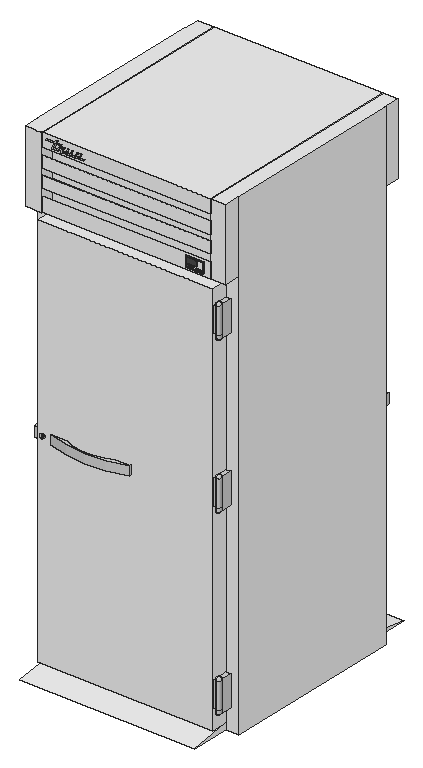
Revit family
Parameters
  Weight in Pounds = 0
  Watts = 2000 W
  Volts = 115 V
  URL Cutsheet = "www.truemfg.com"
  URL = "www.truemfg.com"
  Type Mark [instance] = ""
  Type Comments = ""
  Status [instance] = ""
  Specification by User [instance] = ""
  Specification by Manufacturer = ""
  Show Logo [instance] = yes
  Show Clearance [instance] = yes
  Serial Number = ""
  Seismic Rating = ""
  SMACNA No = ""
  Revision Code [instance] = ""
  Phase = 1
  Omniclass Number and Title = ""
  Number of Poles [instance] = 1
  NAFEM Spec ID Number = ""
  Model = "STR1HRT-1S-1S"
  Min Ckt Ampacity = 0 A
  Max Overcurrent Protection = 0 A
  Masterspec = ""
  Manufacturer = "TRUE FOOD SERVICE EQUIPMENT, INC."
  Length = 35"
  Item Number [instance] = ""
  Installed By [instance] = ""
  Identify Quantity as Lot [instance] = yes
  Height = 83 3/4"
  HP = ""
  Furnished By [instance] = ""
  Foodservice Equipment Identifier [instance] = yes
  FL Amps = Watts / Volts  # 17.3913 A
  Electrical Remarks [instance] = ""
  Electric Connection Type [instance] = ""
  Elec Conn RI Height [instance] = 0"
  Elec Conn Connection Height [instance] = 0"
  Description = "Roll-thru Solid Swing Door Heated Cabinet"
  Depth = 37 1/2"
  Cycle = 60 Hz
  Conn Plug = "14-20P"
  Conn Conduit = yes
  CSI MasterFormat = ""
  CSI Master Format = ""
  Apparent Power = if(Phase = 3, Volts * FL Amps * 1.73, Volts * FL Amps)  # 2000 VA
Reference planes (in)
  plane 1 "BACK": y = 0
  plane 2: z = 0
  plane 3 "LEFT": x = 0
  plane 4 "RIGHT": x = 35
  plane 5 "FRONT": y = -37.5
  plane 6 "TOP": z = 83.75
  plane 7: x = 2.84375
  plane 8: y = -37.4542
  plane 9: x = 32.15625
  plane 10: y = -0.0458
  plane 11: y = -18.75
  plane 12: z = 69.90625
Forms (in)
  Extrusion 1, solid, material "QF_Finishes_Chrome - Satin"
    sketch origin (0.05, 0, 0) x (1, 0, 0) y (0, 1, 0)
      loop
        line (-0.05, -2.75) -> (-0.05, -34.75) -> (2.87859, -34.75) -> (2.87859, -2.75) -> (-0.05, -2.75)
    from 0 to 83.75
  Extrusion 2, solid, material "QF_Finishes_Chrome - Satin"
    sketch origin (50.15, 0, 0) x (1, 0, 0) y (0, 1, 0)
      loop
        line (-17.85, -2.75) -> (-17.85, -34.75) -> (-15.15, -34.75) -> (-15.15, -2.75) -> (-17.85, -2.75)
    from 0 to 83.75
  Extrusion 3, solid, material "QF_Finishes_Chrome - Satin"
    sketch origin (0, 0, 0) x (0, 1, 0) y (0, 0, 1)
      loop
        line (-37.4542, 71.28125) -> (-34.75, 71.28125) -> (-34.75, 0) -> (-2.75, 0) -> (-2.75, 71.28125) -> (-0.0458, 71.28125) -> (-0.0458, 73.81726) -> (-2.25, 72.25) -> (-2.25, 73.52557) -> (-0.0458, 75.09284) -> (-0.0458, 77.18904) -> (-2.25, 75.62178) -> (-2.25, 76.58254) -> (-0.0458, 78.1498) -> (-0.0458, 80.28351) -> (-2.25, 78.71625) -> (-2.25, 79.83852) -> (-0.0458, 81.40578) -> (-0.0458, 83.75) -> (-37.4542, 83.75) -> (-37.4542, 81.40578) -> (-35.25, 79.83852) -> (-35.25, 78.71625) -> (-37.4542, 80.28351) -> (-37.4542, 78.1498) -> (-35.25, 76.58254) -> (-35.25, 75.62178) -> (-37.4542, 77.18904) -> (-37.4542, 75.09284) -> (-35.25, 73.52557) -> (-35.25, 72.25) -> (-37.4542, 73.81726) -> (-37.4542, 71.28125)
    from 2.92859 to 32.3
  Extrusion 4, solid, material "QF_Finishes_Chrome - Satin"
    sketch origin (0, 0, 0) x (1, 0, 0) y (0, 1, 0)
      loop
        line (34.84782, -34.75) -> (32.3, -34.75) -> (32.3, -37.5) -> (34.84782, -37.5) -> (34.84782, -34.75)
      loop
        line (34.84782, -2.75) -> (34.84782, 0) -> (32.3, 0) -> (32.3, -2.75) -> (34.84782, -2.75)
    from 71.28125 to 83.75
  Extrusion 5, solid, material "QF_Finishes_Chrome - Satin"
    sketch origin (-50.125, 0, 0.25) x (1, 0, 0) y (0, 1, 0)
      loop
        line (53.05359, -34.75) -> (50.24109, -34.75) -> (50.24109, -37.5) -> (53.05359, -37.5) -> (53.05359, -34.75)
      loop
        line (53.05359, -2.75) -> (53.05359, 0) -> (50.24109, 0) -> (50.24109, -2.75) -> (53.05359, -2.75)
    from 71.03125 to 83.5
  Extrusion 6, solid, material "QF_Finishes_Chrome - Satin"
    sketch origin (-24.96875, -3.75, -0.71875) x (1, 0, 0) y (0, 0, 1)
      loop
        line (27.25, 1.71875) -> (57.65625, 1.71875) -> (57.65625, 70.625) -> (27.25, 70.625) -> (27.25, 1.71875)
    from 31 to 33.75
  Extrusion 7, solid, material "QF_Finishes_Handrails and Railings"
    sketch origin (58.625, -0.25, 24.93519) x (1, 0, 0) y (0, 1, 0)
      loop
        line (-53.875, -37.25) -> (-53.875, -37.45)
        arc (-53.875, -37.45) -> (-47.075, -38.65633) -> (-40.275, -37.45) r 19.7687
        line (-40.275, -37.45) -> (-40.275, -37.25) -> (-42.675, -37.25)
        arc (-42.675, -37.25) -> (-47.075, -38.40816) -> (-51.475, -37.25) r 8.93713
        line (-51.475, -37.25) -> (-53.875, -37.25)
    from 10.87731 to 12.37731
  Extrusion 8, solid, material "QF_Finishes_Handrails and Railings"
    sketch origin (-23.375, -3.83467, -3.5) x (1, 0, 0) y (0, 0, 1)
      loop
        circle (26.4375, 40.0625) r 0.35
      loop
        line (26.47265, 40.33635) -> (26.41715, 40.33635) -> (26.41715, 39.76895) -> (26.47265, 39.76895) -> (26.47265, 40.33635)
    from 33.5 to 33.83066
  Extrusion 9, solid, material "QF_Finishes_Handrails and Railings", visible <- "Show Logo"
    sketch origin (0.33478, -2.68623, 4.98732) x (1, 0, 0) y (0, 0, 1)
      loop
        line (3.46044, 78.08731) -> (3.35478, 77.86073) -> (4.76027, 77.86073)
        arc (4.76027, 77.86073) -> (4.78879, 77.81028) -> (4.76027, 77.75984) r 0.05887
        line (4.76027, 77.75984) -> (4.39369, 76.97372)
        arc (4.39369, 76.97372) -> (4.39051, 76.90091) -> (4.43975, 76.84717) r 0.09523
        line (4.43975, 76.84717) -> (5.33844, 76.84717)
        arc (5.33844, 76.84717) -> (5.45192, 76.88295) -> (5.52436, 76.97735) r 0.19785
        line (5.52436, 76.97735) -> (5.81285, 77.59601) -> (6.0779, 77.59601)
        arc (6.0779, 77.59601) -> (6.14744, 77.57043) -> (6.13737, 77.49703) r 0.05911
        line (6.13737, 77.49703) -> (5.89598, 76.97937)
        arc (5.89598, 76.97937) -> (5.89974, 76.8934) -> (5.97231, 76.84717) r 0.09318
        line (5.97231, 76.84717) -> (6.76198, 76.84717)
        arc (6.76198, 76.84717) -> (6.82249, 76.86919) -> (6.85468, 76.92495) r 0.09412
        arc (6.85468, 76.92495) -> (6.87746, 76.86995) -> (6.93246, 76.84717) r 0.07778
        line (6.93246, 76.84717) -> (7.43246, 76.84717)
        arc (7.43246, 76.84717) -> (7.49022, 76.86265) -> (7.53251, 76.90493) r 0.11552
        arc (7.53251, 76.90493) -> (7.55275, 76.85606) -> (7.60162, 76.83581) r 0.06912
        line (7.60162, 76.83581) -> (8.31225, 76.83581)
        arc (8.31225, 76.83581) -> (8.37034, 76.85988) -> (8.39441, 76.91797) r 0.08216
        arc (8.39441, 76.91797) -> (8.44767, 76.86472) -> (8.52042, 76.84522) r 0.14551
        line (8.52042, 76.84522) -> (9.85158, 76.84522) -> (9.99946, 77.10134) -> (8.65678, 77.10134)
        arc (8.65678, 77.10134) -> (8.61972, 77.12704) -> (8.61834, 77.17211) r 0.05009
        line (8.61834, 77.17211) -> (8.64157, 77.22192)
        arc (8.64157, 77.22192) -> (8.67723, 77.26864) -> (8.73327, 77.28635) r 0.09747
        line (8.73327, 77.28635) -> (9.16485, 77.28635)
        arc (9.16485, 77.28635) -> (9.258, 77.31131) -> (9.32619, 77.3795) r 0.1863
        line (9.32619, 77.3795) -> (9.45119, 77.59601)
        arc (9.45119, 77.59601) -> (9.45119, 77.71157) -> (9.35111, 77.76934) r 0.11556
        line (9.35111, 77.76934) -> (8.89562, 77.76934)
        arc (8.89562, 77.76934) -> (8.7795, 77.74962) -> (8.69849, 77.66412) r 0.18605
        line (8.69849, 77.66412) -> (8.48204, 77.19993)
        arc (8.48204, 77.19993) -> (8.41815, 77.11667) -> (8.31806, 77.08511) r 0.1745
        line (8.31806, 77.08511) -> (7.84559, 77.08511)
        arc (7.84559, 77.08511) -> (7.78903, 77.14684) -> (7.79268, 77.23048) r 0.10939
        line (7.79268, 77.23048) -> (8.04395, 77.76934) -> (7.88403, 77.76934) -> (7.61781, 77.19844)
        arc (7.61781, 77.19844) -> (7.56609, 77.13103) -> (7.48505, 77.10548) r 0.14128
        line (7.48505, 77.10548) -> (7.15925, 77.10548)
        arc (7.15925, 77.10548) -> (7.10419, 77.17723) -> (7.116, 77.26689) r 0.11816
        line (7.116, 77.26689) -> (7.3503, 77.76934) -> (7.18514, 77.76934) -> (6.91546, 77.191)
        arc (6.91546, 77.191) -> (6.85285, 77.12839) -> (6.76733, 77.10548) r 0.17104
        line (6.76733, 77.10548) -> (6.29555, 77.10548)
        arc (6.29555, 77.10548) -> (6.21082, 77.14499) -> (6.20267, 77.23813) r 0.0935
        line (6.20267, 77.23813) -> (6.35774, 77.57069) -> (6.57695, 77.57069)
        arc (6.57695, 77.57069) -> (6.61395, 77.68217) -> (6.69267, 77.76934) r 0.2857
        line (6.69267, 77.76934) -> (5.83605, 77.76934)
        arc (5.83605, 77.76934) -> (5.74086, 77.74824) -> (5.67498, 77.67635) r 0.16212
        line (5.67498, 77.67635) -> (5.44279, 77.17841)
        arc (5.44279, 77.17841) -> (5.3894, 77.12502) -> (5.31647, 77.10548) r 0.14586
        line (5.31647, 77.10548) -> (4.80506, 77.10548)
        arc (4.80506, 77.10548) -> (4.76514, 77.15942) -> (4.77274, 77.22609) r 0.09155
        line (4.77274, 77.22609) -> (5.11018, 77.86073) -> (5.96155, 77.86073) -> (6.06721, 78.08731) -> (5.21584, 78.08731) -> (5.32149, 78.31388) -> (5.01862, 78.31388) -> (4.91297, 78.08731) -> (3.46044, 78.08731)
      loop
        arc (8.83805, 77.56363) -> (8.80119, 77.55375) -> (8.7742, 77.52676) r 0.07373
        line (8.7742, 77.52676) -> (8.75229, 77.45936)
        arc (8.75229, 77.45936) -> (8.76245, 77.43483) -> (8.78699, 77.42466) r 0.0347
        line (8.78699, 77.42466) -> (9.15948, 77.42466)
        arc (9.15948, 77.42466) -> (9.18632, 77.43061) -> (9.20812, 77.44734) r 0.0635
        line (9.20812, 77.44734) -> (9.22624, 77.53122)
        arc (9.22624, 77.53122) -> (9.22091, 77.55368) -> (9.20009, 77.56363) r 0.02676
        line (9.20009, 77.56363) -> (8.83805, 77.56363)
    from 34.76797 to 34.83173
  Extrusion 10, solid, material "QF_Finishes_White"
    sketch origin (-22.74812, -2.7042, -7.97497) x (1, 0, 0) y (0, 0, 1)
      loop
        line (50.81732, 81.35727) -> (50.81732, 79.60996) -> (53.72357, 79.60996) -> (53.72357, 81.35727) -> (50.81732, 81.35727)
    from 34.75 to 34.76797
  Extrusion 11, solid, material "QF_Finishes_Black"
    sketch origin (-22.74812, -2.7042, -7.97497) x (1, 0, 0) y (0, 0, 1)
      loop
        line (53.78607, 81.41977) -> (50.75482, 81.41977) -> (50.75482, 79.54746) -> (53.78607, 79.54746) -> (53.78607, 81.41977)
      loop
        spline (50.95482, 79.87872) -> (50.96333, 79.86254) -> (50.98831, 79.84747) -> (51.02804, 79.83452) -> (51.07982, 79.82459) -> (51.14011, 79.81835) -> (51.20482, 79.81622) -> (51.26952, 79.81835) -> (51.32982, 79.82459) -> (51.38159, 79.83452) -> (51.42132, 79.84747) -> (51.4463, 79.86254) -> (51.45482, 79.87872)
        spline (51.45482, 79.87872) -> (51.4463, 79.89489) -> (51.42132, 79.90997) -> (51.38159, 79.92291) -> (51.32982, 79.93284) -> (51.26952, 79.93909) -> (51.20482, 79.94122) -> (51.14011, 79.93909) -> (51.07982, 79.93284) -> (51.02804, 79.92291) -> (50.98831, 79.90997) -> (50.96333, 79.89489) -> (50.95482, 79.87872)
      loop
        spline (51.65083, 79.87872) -> (51.65935, 79.86254) -> (51.68432, 79.84747) -> (51.72405, 79.83452) -> (51.77583, 79.82459) -> (51.83612, 79.81835) -> (51.90083, 79.81622) -> (51.96553, 79.81835) -> (52.02583, 79.82459) -> (52.07761, 79.83452) -> (52.11734, 79.84747) -> (52.14231, 79.86254) -> (52.15083, 79.87872)
        spline (52.15083, 79.87872) -> (52.14231, 79.89489) -> (52.11734, 79.90997) -> (52.07761, 79.92291) -> (52.02583, 79.93284) -> (51.96553, 79.93909) -> (51.90083, 79.94122) -> (51.83612, 79.93909) -> (51.77583, 79.93284) -> (51.72405, 79.92291) -> (51.68432, 79.90997) -> (51.65935, 79.89489) -> (51.65083, 79.87872)
      loop
        spline (52.40083, 79.87872) -> (52.40935, 79.86254) -> (52.43432, 79.84747) -> (52.47405, 79.83452) -> (52.52583, 79.82459) -> (52.58612, 79.81835) -> (52.65083, 79.81622) -> (52.71553, 79.81835) -> (52.77583, 79.82459) -> (52.82761, 79.83452) -> (52.86734, 79.84747) -> (52.89231, 79.86254) -> (52.90083, 79.87872)
        spline (52.90083, 79.87872) -> (52.89231, 79.89489) -> (52.86734, 79.90997) -> (52.82761, 79.92291) -> (52.77583, 79.93284) -> (52.71553, 79.93909) -> (52.65083, 79.94122) -> (52.58612, 79.93909) -> (52.52583, 79.93284) -> (52.47405, 79.92291) -> (52.43432, 79.90997) -> (52.40935, 79.89489) -> (52.40083, 79.87872)
      loop
        line (50.95481, 81.21978) -> (50.95481, 80.21978) -> (52.65433, 80.21978) -> (52.65433, 81.21978) -> (50.95481, 81.21978)
      loop
        line (53.72357, 81.35727) -> (50.81732, 81.35727) -> (50.81732, 79.60996) -> (53.72357, 79.60996) -> (53.72357, 81.35727)
      loop
        spline (53.15083, 79.87872) -> (53.15935, 79.86254) -> (53.18432, 79.84747) -> (53.22405, 79.83452) -> (53.27583, 79.82459) -> (53.33612, 79.81835) -> (53.40083, 79.81622) -> (53.46553, 79.81835) -> (53.52583, 79.82459) -> (53.57761, 79.83452) -> (53.61734, 79.84747) -> (53.64231, 79.86254) -> (53.65083, 79.87872)
        spline (53.65083, 79.87872) -> (53.64231, 79.89489) -> (53.61734, 79.90997) -> (53.57761, 79.92291) -> (53.52583, 79.93284) -> (53.46553, 79.93909) -> (53.40083, 79.94122) -> (53.33612, 79.93909) -> (53.27583, 79.93284) -> (53.22405, 79.92291) -> (53.18432, 79.90997) -> (53.15935, 79.89489) -> (53.15083, 79.87872)
    from 34.76797 to 34.80335
  Extrusion 12, solid
    sketch origin (-25.125, 0, 0) x (1, 0, 0) y (0, 0, 1)
      loop
        circle (56.875, 81.625) r 0.25
    from 0 to 0.0625
  Blend 13, solid, material "QF_Finishes_Handrails and Railings"
    base sketch origin (27.53125, -3.75, -1.5) x (-1, 0, 0) y (0, 0, -1)
      loop
        line (25.25, -38.99169) -> (26, -38.99169) -> (26, -37.24169) -> (25.25, -37.24169) -> (25.25, -38.99169)
    top sketch origin (27.53125, 0, -1.5) x (-1, 0, 0) y (0, 0, -1)
      loop
        line (26.18223, -36.6441) -> (25.25, -36.6441) -> (25.25, -39.42643) -> (26.18223, -39.42643) -> (26.18223, -36.6441)
    from 33.57883 to 34.75
  Extrusion 14, solid, material "QF_Finishes_Handrails and Railings"
    sketch origin (33.78125, 0, 3.25) x (0, 1, 0) y (0, 0, -1)
      loop
        line (-34.75, -64.17729) -> (-34.75, -58.86127) -> (-37, -58.86127) -> (-37, -59.57348) -> (-36.56497, -59.57348) -> (-36.56497, -63.97276)
        arc (-36.56497, -63.97276) -> (-36.50506, -64.11738) -> (-36.36044, -64.17729) r 0.20453
        line (-36.36044, -64.17729) -> (-34.75, -64.17729)
    from 0.17506 to 1
  Revolve 15, solid, material "QF_Finishes_Handrails and Railings"
    sketch origin (33.28125, 0, 3.25) x (0, 1, 0) y (0, 0, -1)
      loop
        line (-37.01563, -59.62689) -> (-37.42229, -59.62689) -> (-37.42229, -64.0986)
        arc (-37.42229, -64.0986) -> (-37.28722, -64.35057) -> (-37.01563, -64.43983) r 0.3848
        line (-37.01563, -64.43983) -> (-37.01563, -59.62689)
      loop
        line (-37.01563, -59.57348) -> (-37.01563, -58.67281)
        arc (-37.01563, -58.67281) -> (-37.28264, -58.75883) -> (-37.42229, -59.00212) r 0.38884
        line (-37.42229, -59.00212) -> (-37.42229, -59.57348) -> (-37.01563, -59.57348)
      axis (-37.01563, -58.67281) -> (-37.01563, -64.43983)
    angle from 0 to 360
  Extrusion 16, solid, material "QF_Finishes_Handrails and Railings"
    sketch origin (27.5, -3.82734, 3.2511) x (-1, 0, 0) y (0, 0, -1)
      loop
        line (-5.58509, -64.0986) -> (-5.1875, -64.0986) -> (-5.1875, -59.62579) -> (-5.58509, -59.62579) -> (-5.58509, -64.0986)
    from 32.81497 to 33.59495
  Extrusion 17, solid, material "QF_Finishes_Handrails and Railings"
    sketch origin (33.78125, 0, -24) x (0, 1, 0) y (0, 0, -1)
      loop
        line (-34.75, -64.55229) -> (-34.75, -59.23627) -> (-37, -59.23627) -> (-37, -59.94848) -> (-36.56497, -59.94848) -> (-36.56497, -64.34776)
        arc (-36.56497, -64.34776) -> (-36.50506, -64.49238) -> (-36.36044, -64.55229) r 0.20453
        line (-36.36044, -64.55229) -> (-34.75, -64.55229)
    from 0.17506 to 1
  Revolve 18, solid, material "QF_Finishes_Handrails and Railings"
    sketch origin (33.28125, 0, -24) x (0, 1, 0) y (0, 0, -1)
      loop
        line (-37.01563, -60.00189) -> (-37.42229, -60.00189) -> (-37.42229, -64.4736)
        arc (-37.42229, -64.4736) -> (-37.28722, -64.72557) -> (-37.01563, -64.81483) r 0.3848
        line (-37.01563, -64.81483) -> (-37.01563, -60.00189)
      loop
        line (-37.01563, -59.94848) -> (-37.01563, -59.04781)
        arc (-37.01563, -59.04781) -> (-37.28264, -59.13383) -> (-37.42229, -59.37712) r 0.38884
        line (-37.42229, -59.37712) -> (-37.42229, -59.94848) -> (-37.01563, -59.94848)
      axis (-37.01563, -59.04781) -> (-37.01563, -64.81483)
    angle from 0 to 360
  Extrusion 19, solid, material "QF_Finishes_Handrails and Railings"
    sketch origin (27.5, -3.82734, -23.9989) x (-1, 0, 0) y (0, 0, -1)
      loop
        line (-5.58509, -64.4736) -> (-5.1875, -64.4736) -> (-5.1875, -60.00079) -> (-5.58509, -60.00079) -> (-5.58509, -64.4736)
    from 32.81497 to 33.59495
  Extrusion 20, solid, material "QF_Finishes_Handrails and Railings"
    sketch origin (33.78125, 0, -55.5) x (0, 1, 0) y (0, 0, -1)
      loop
        line (-34.75, -64.55229) -> (-34.75, -59.23627) -> (-37, -59.23627) -> (-37, -59.94848) -> (-36.56497, -59.94848) -> (-36.56497, -64.34776)
        arc (-36.56497, -64.34776) -> (-36.50506, -64.49238) -> (-36.36044, -64.55229) r 0.20453
        line (-36.36044, -64.55229) -> (-34.75, -64.55229)
    from 0.17506 to 1
  Revolve 21, solid, material "QF_Finishes_Handrails and Railings"
    sketch origin (33.28125, 0, -55.5) x (0, 1, 0) y (0, 0, -1)
      loop
        line (-37.01563, -60.00189) -> (-37.42229, -60.00189) -> (-37.42229, -64.4736)
        arc (-37.42229, -64.4736) -> (-37.28722, -64.72557) -> (-37.01563, -64.81483) r 0.3848
        line (-37.01563, -64.81483) -> (-37.01563, -60.00189)
      loop
        line (-37.01563, -59.94848) -> (-37.01563, -59.04781)
        arc (-37.01563, -59.04781) -> (-37.28264, -59.13383) -> (-37.42229, -59.37712) r 0.38884
        line (-37.42229, -59.37712) -> (-37.42229, -59.94848) -> (-37.01563, -59.94848)
      axis (-37.01563, -59.04781) -> (-37.01563, -64.81483)
    angle from 0 to 360
  Extrusion 22, solid, material "QF_Finishes_Handrails and Railings"
    sketch origin (27.5, -3.82734, -55.4989) x (-1, 0, 0) y (0, 0, -1)
      loop
        line (-5.58509, -64.4736) -> (-5.1875, -64.4736) -> (-5.1875, -60.00079) -> (-5.58509, -60.00079) -> (-5.58509, -64.4736)
    from 32.81497 to 33.59495
  Extrusion 23, solid, material "QF_Finishes_Door Clearance", visible <- "Show Clearance", detail levels coarse
    sketch origin (26.42841, -3.6098, 0) x (1, 0, 0) y (0, 1, 0)
      loop
        line (6.32159, -33.8902) -> (-24.14716, -33.8902)
        arc (-24.14716, -33.8902) -> (-15.22307, -55.43486) -> (6.32159, -64.35895) r 30.46875
        line (6.32159, -64.35895) -> (6.32159, -33.8902)
    from 1 to 69.90625
  Extrusion 24, solid, material "QF_Finishes_Chrome - Satin"
    sketch origin (32.6875, -3.75, 8.03125) x (0, 0, 1) y (0, -1, 0)
      loop
        line (-8.03125, 37.6875) -> (-8.03125, 31) -> (-7.03125, 31) -> (-8.03125, 37.6875)
    from 0 to -30.40625
  Extrusion 25, solid, material "QF_Finishes_Chrome - Satin"
    sketch origin (59.96875, -33.75, -0.71875) x (-1, 0, 0) y (0, 0, 1)
      loop
        line (27.25, 1.71875) -> (57.65625, 1.71875) -> (57.65625, 70.625) -> (27.25, 70.625) -> (27.25, 1.71875)
    from 31 to 33.75
  Extrusion 26, solid, material "QF_Finishes_Handrails and Railings"
    sketch origin (-23.625, -37.25, 24.93519) x (-1, 0, 0) y (0, -1, 0)
      loop
        line (-53.875, -37.25) -> (-53.875, -37.45)
        arc (-53.875, -37.45) -> (-47.075, -38.65628) -> (-40.275, -37.45) r 19.76948
        line (-40.275, -37.45) -> (-40.275, -37.25) -> (-42.675, -37.25)
        arc (-42.675, -37.25) -> (-47.075, -38.40816) -> (-51.475, -37.25) r 8.93715
        line (-51.475, -37.25) -> (-53.875, -37.25)
    from 10.87731 to 12.37731
  Extrusion 27, solid, material "QF_Finishes_Handrails and Railings"
    sketch origin (58.375, -33.66533, -3.5) x (-1, 0, 0) y (0, 0, 1)
      loop
        circle (26.4375, 40.0625) r 0.35
      loop
        line (26.47265, 40.33635) -> (26.41715, 40.33635) -> (26.41715, 39.76895) -> (26.47265, 39.76895) -> (26.47265, 40.33635)
    from 33.5 to 33.83066
  Blend 28, solid, material "QF_Finishes_Handrails and Railings"
    base sketch origin (7.46875, -33.75, -1.5) x (1, 0, 0) y (0, 0, -1)
      loop
        line (25.25, -38.99169) -> (26, -38.99169) -> (26, -37.24169) -> (25.25, -37.24169) -> (25.25, -38.99169)
    top sketch origin (7.46875, -37.5, -1.5) x (1, 0, 0) y (0, 0, -1)
      loop
        line (26.18223, -36.6441) -> (25.25, -36.6441) -> (25.25, -39.42643) -> (26.18223, -39.42643) -> (26.18223, -36.6441)
    from 33.57883 to 34.75
  Extrusion 29, solid, material "QF_Finishes_Handrails and Railings"
    sketch origin (1.21875, -37.5, 3.25) x (0, -1, 0) y (0, 0, -1)
      loop
        line (-34.75, -64.17729) -> (-34.75, -58.86127) -> (-37, -58.86127) -> (-37, -59.57348) -> (-36.56497, -59.57348) -> (-36.56497, -63.97276)
        arc (-36.56497, -63.97276) -> (-36.50506, -64.11738) -> (-36.36044, -64.17729) r 0.20453
        line (-36.36044, -64.17729) -> (-34.75, -64.17729)
    from 0.17506 to 1
  Revolve 30, solid, material "QF_Finishes_Handrails and Railings"
    sketch origin (1.71875, -37.5, 3.25) x (0, -1, 0) y (0, 0, -1)
      loop
        line (-37.01563, -59.62689) -> (-37.42229, -59.62689) -> (-37.42229, -64.0986)
        arc (-37.42229, -64.0986) -> (-37.28722, -64.35057) -> (-37.01563, -64.43983) r 0.3848
        line (-37.01563, -64.43983) -> (-37.01563, -59.62689)
      loop
        line (-37.01563, -59.57348) -> (-37.01563, -58.67281)
        arc (-37.01563, -58.67281) -> (-37.28264, -58.75883) -> (-37.42229, -59.00212) r 0.38884
        line (-37.42229, -59.00212) -> (-37.42229, -59.57348) -> (-37.01563, -59.57348)
      axis (-37.01563, -58.67281) -> (-37.01563, -64.43983)
    angle from 0 to 360
  Extrusion 31, solid, material "QF_Finishes_Handrails and Railings"
    sketch origin (7.5, -33.67266, 3.2511) x (1, 0, 0) y (0, 0, -1)
      loop
        line (-5.58509, -64.0986) -> (-5.1875, -64.0986) -> (-5.1875, -59.62579) -> (-5.58509, -59.62579) -> (-5.58509, -64.0986)
    from 32.81497 to 33.59495
  Extrusion 32, solid, material "QF_Finishes_Handrails and Railings"
    sketch origin (1.21875, -37.5, -24) x (0, -1, 0) y (0, 0, -1)
      loop
        line (-34.75, -64.55229) -> (-34.75, -59.23627) -> (-37, -59.23627) -> (-37, -59.94848) -> (-36.56497, -59.94848) -> (-36.56497, -64.34776)
        arc (-36.56497, -64.34776) -> (-36.50506, -64.49238) -> (-36.36044, -64.55229) r 0.20453
        line (-36.36044, -64.55229) -> (-34.75, -64.55229)
    from 0.17506 to 1
  Revolve 33, solid, material "QF_Finishes_Handrails and Railings"
    sketch origin (1.71875, -37.5, -24) x (0, -1, 0) y (0, 0, -1)
      loop
        line (-37.01563, -60.00189) -> (-37.42229, -60.00189) -> (-37.42229, -64.4736)
        arc (-37.42229, -64.4736) -> (-37.28722, -64.72557) -> (-37.01563, -64.81483) r 0.3848
        line (-37.01563, -64.81483) -> (-37.01563, -60.00189)
      loop
        line (-37.01563, -59.94848) -> (-37.01563, -59.04781)
        arc (-37.01563, -59.04781) -> (-37.28264, -59.13383) -> (-37.42229, -59.37712) r 0.38884
        line (-37.42229, -59.37712) -> (-37.42229, -59.94848) -> (-37.01563, -59.94848)
      axis (-37.01563, -59.04781) -> (-37.01563, -64.81483)
    angle from 0 to 360
  Extrusion 34, solid, material "QF_Finishes_Handrails and Railings"
    sketch origin (7.5, -33.67266, -23.9989) x (1, 0, 0) y (0, 0, -1)
      loop
        line (-5.58509, -64.4736) -> (-5.1875, -64.4736) -> (-5.1875, -60.00079) -> (-5.58509, -60.00079) -> (-5.58509, -64.4736)
    from 32.81497 to 33.59495
  Extrusion 35, solid, material "QF_Finishes_Handrails and Railings"
    sketch origin (1.21875, -37.5, -55.5) x (0, -1, 0) y (0, 0, -1)
      loop
        line (-34.75, -64.55229) -> (-34.75, -59.23627) -> (-37, -59.23627) -> (-37, -59.94848) -> (-36.56497, -59.94848) -> (-36.56497, -64.34776)
        arc (-36.56497, -64.34776) -> (-36.50506, -64.49238) -> (-36.36044, -64.55229) r 0.20453
        line (-36.36044, -64.55229) -> (-34.75, -64.55229)
    from 0.17506 to 1
  Revolve 36, solid, material "QF_Finishes_Handrails and Railings"
    sketch origin (1.71875, -37.5, -55.5) x (0, -1, 0) y (0, 0, -1)
      loop
        line (-37.01563, -60.00189) -> (-37.42229, -60.00189) -> (-37.42229, -64.4736)
        arc (-37.42229, -64.4736) -> (-37.28722, -64.72557) -> (-37.01563, -64.81483) r 0.3848
        line (-37.01563, -64.81483) -> (-37.01563, -60.00189)
      loop
        line (-37.01563, -59.94848) -> (-37.01563, -59.04781)
        arc (-37.01563, -59.04781) -> (-37.28264, -59.13383) -> (-37.42229, -59.37712) r 0.38884
        line (-37.42229, -59.37712) -> (-37.42229, -59.94848) -> (-37.01563, -59.94848)
      axis (-37.01563, -59.04781) -> (-37.01563, -64.81483)
    angle from 0 to 360
  Extrusion 37, solid, material "QF_Finishes_Handrails and Railings"
    sketch origin (7.5, -33.67266, -55.4989) x (1, 0, 0) y (0, 0, -1)
      loop
        line (-5.58509, -64.4736) -> (-5.1875, -64.4736) -> (-5.1875, -60.00079) -> (-5.58509, -60.00079) -> (-5.58509, -64.4736)
    from 32.81497 to 33.59495
  Extrusion 38, solid, material "QF_Finishes_Door Clearance", visible <- "Show Clearance", detail levels coarse
    sketch origin (8.57159, -33.8902, 0) x (-1, 0, 0) y (0, -1, 0)
      loop
        line (6.32159, -33.8902) -> (-24.14716, -33.8902)
        arc (-24.14716, -33.8902) -> (-15.22307, -55.43486) -> (6.32159, -64.35895) r 30.46875
        line (6.32159, -64.35895) -> (6.32159, -33.8902)
    from 1 to 69.90625
  Extrusion 39, solid, material "QF_Finishes_Chrome - Satin"
    sketch origin (2.3125, -33.75, 8.03125) x (0, 0, 1) y (0, 1, 0)
      loop
        line (-8.03125, 37.6875) -> (-8.03125, 31) -> (-7.03125, 31) -> (-8.03125, 37.6875)
    from 0 to -30.40625
Cuts and joins
  joined: Extrusion 1, Extrusion 2, Extrusion 4, Extrusion 5
Lines and regions (in)
  symbolic lines
    curve 1: line (0, 0, 0) -> (35, 0, 0)
    curve 2: line (0, -37.5, 0) -> (0, 0, 0)
    curve 3: line (35, -37.5, 0) -> (0, -37.5, 0)
    curve 4: line (35, 0, 0) -> (35, -37.5, 0)
    curve 5: line (35, -35.25, 0) -> (0, -35.25, 0)
    curve 6: arc (15.95746, -37.5, 0) -> (11.55746, -38.65816, 0) -> (7.15746, -37.5, 0) r 8.93715
    curve 7: line (4.75746, -37.5, 0) -> (4.75746, -37.70273, 0)
    curve 8: line (18.35746, -37.69726, 0) -> (18.35746, -37.5, 0)
    curve 13: line (16.65, 0.2, 0) -> (16.65, 0, 0)
    curve 14: line (30.25, 0, 0) -> (30.25, 0.2, 0)
    curve 15: arc (19.05, 0, 0) -> (23.45, 1.15816, 0) -> (27.85, 0, 0) r 8.93715
    curve 16: arc (4.75746, -37.70273, 0) -> (11.55795, -38.90633, 0) -> (18.35746, -37.69726, 0) r 19.7687
    curve 17: arc (30.25, 0.2, 0) -> (23.45, 1.40628, 0) -> (16.65, 0.2, 0) r 19.76948
    curve 18: line (35, -2.25, 0) -> (0, -2.25, 0)
  symbolic lines, style "QF-Door Swings", visible <- "Show Clearance", detail levels coarse
    curve 9: line (32.75, -37.5, 0) -> (32.75, -67.96875, 0)
    curve 10: arc (32.75, -67.96875, 0) -> (11.20534, -59.04466, 0) -> (2.28125, -37.5, 0) r 30.46875
    curve 11: line (2.25, 0, 0) -> (2.25, 30.46875, 0)
    curve 12: arc (2.25, 30.46875, 0) -> (23.79466, 21.54466, 0) -> (32.71875, 0, 0) r 30.46875
Dimensions and locks (in)
  "Depth": plane 5 "FRONT" to plane 1 "BACK"
  plane 6 "TOP" to level = 83 3/4"  (x2)
  Extrusion 6 sketch curve to Extrusion 6 sketch curve = 30 13/32"
  Extrusion 6 to plane 1 "BACK" = 37 1/2"
  "Length": plane 3 "LEFT" to plane 4 "RIGHT"
  plane 4 "RIGHT" to plane 3 "LEFT" = 35"
  plane 5 "FRONT" to plane 1 "BACK" = 37 1/2"
  Extrusion 25 sketch curve to Extrusion 25 sketch curve = 30 13/32"
  plane 12 to level = 69 29/32"
  aligned and locked: level to plane 2
Automatic sketch dimensions
  Extrusion 39 sketch curve to Extrusion 25 = 0"
  Extrusion 39 sketch curve to Extrusion 39 sketch curve = 1"
  Extrusion 39 sketch curve to Extrusion 25 = 3 15/16"
  Extrusion 1 sketch curve to plane 3 "LEFT" = 0"
  plane 1 "BACK" to Extrusion 1 sketch curve = 2 3/4"
  plane 7 to Extrusion 1 sketch curve = 0.08484"
  Extrusion 1 sketch curve to plane 5 "FRONT" = 2 3/4"
  plane 1 "BACK" to Extrusion 2 sketch curve = 2 3/4"
  Extrusion 2 sketch curve to plane 4 "RIGHT" = 0"
  Extrusion 2 sketch curve to plane 9 = 0.14375"
  Extrusion 2 sketch curve to plane 5 "FRONT" = 2 3/4"
  Extrusion 3 sketch curve to plane 8 = 0"  (x4)
  Extrusion 3 sketch curve to level = 0"
  Extrusion 3 sketch curve to plane 10 = 0"  (x4)
  Extrusion 3 sketch curve to plane 6 "TOP" = 0"
  plane 8 to Extrusion 3 sketch curve = 2.2042"
  Extrusion 3 sketch curve to Extrusion 3 sketch curve = 0"  (x3)
  plane 8 to Extrusion 3 sketch curve = 2.7042"
  Extrusion 3 sketch curve to Extrusion 3 sketch curve = 2.7042"
  plane 10 to Extrusion 3 sketch curve = 2.2042"
  Extrusion 3 sketch curve to Extrusion 3 sketch curve = 1/2"
  Extrusion 3 sketch curve to plane 6 "TOP" = 12 15/32"  (x2)
  Extrusion 3 sketch curve to Extrusion 3 sketch curve = 31/32"  (x2)
  Extrusion 3 sketch curve to Extrusion 3 sketch curve = 1.27557"  (x4)
  Extrusion 3 sketch curve to Extrusion 3 sketch curve = 0.29169"  (x2)
  Extrusion 3 sketch curve to Extrusion 3 sketch curve = 2.0962"  (x4)
  Extrusion 3 sketch curve to Extrusion 3 sketch curve = 0.96076"  (x4)
  Extrusion 3 sketch curve to Extrusion 3 sketch curve = 2.13371"  (x4)
  Extrusion 3 sketch curve to Extrusion 3 sketch curve = 1.12227"  (x4)
  Extrusion 6 sketch curve to plane 7 = 9/16"
  level to Extrusion 6 sketch curve = 1"
  Extrusion 6 sketch curve to plane 6 "TOP" = 13 27/32"
  plane 7 to Extrusion 8 sketch curve = 0.1984"
  plane 7 to Extrusion 8 sketch curve = 7/32"
  Extrusion 8 sketch curve to Extrusion 8 sketch curve = 0.0555"
  level to Extrusion 8 sketch curve = 36.26895"
  Extrusion 8 sketch curve to Extrusion 8 sketch curve = 0.29355"
  Extrusion 8 sketch curve to Extrusion 8 sketch curve = 0.27385"
  plane 7 to Extrusion 9 sketch curve = 0.84582"
  Extrusion 9 sketch curve to Extrusion 9 sketch curve = 0.10565"  (x5)
  Extrusion 9 sketch curve to Extrusion 9 sketch curve = 1.03891"
  Extrusion 9 sketch curve to Extrusion 9 sketch curve = 0.04606"
  Extrusion 9 sketch curve to Extrusion 9 sketch curve = 0.08631"
  Extrusion 9 sketch curve to Extrusion 9 sketch curve = 0.33624"
  Extrusion 9 sketch curve to Extrusion 9 sketch curve = 0.03034"  (x2)
  Extrusion 9 sketch curve to Extrusion 9 sketch curve = 0.29274"
  Extrusion 9 sketch curve to Extrusion 9 sketch curve = 0.03232"
  Extrusion 9 sketch curve to Extrusion 9 sketch curve = 0.04851"
  Extrusion 9 sketch curve to plane 6 "TOP" = 0.67537"
  Extrusion 9 sketch curve to Extrusion 9 sketch curve = 0.1527"
  Extrusion 9 sketch curve to plane 6 "TOP" = 0.4488"
  Extrusion 9 sketch curve to Extrusion 9 sketch curve = 0.19721"
  Extrusion 9 sketch curve to Extrusion 9 sketch curve = 0.4629"
  Extrusion 9 sketch curve to Extrusion 9 sketch curve = 0.02197"
  Extrusion 9 sketch curve to Extrusion 9 sketch curve = 0.12632"
  Extrusion 9 sketch curve to Extrusion 9 sketch curve = 0.18591"
  Extrusion 9 sketch curve to plane 6 "TOP" = 1.08633"
  Extrusion 9 sketch curve to Extrusion 9 sketch curve = 0.2322"
  Extrusion 9 sketch curve to Extrusion 9 sketch curve = 0.13786"
  Extrusion 9 sketch curve to Extrusion 9 sketch curve = 0.00907"
  Extrusion 9 sketch curve to Extrusion 9 sketch curve = 0.01413"
  Extrusion 9 sketch curve to Extrusion 9 sketch curve = 0.37162"
  Extrusion 9 sketch curve to plane 6 "TOP" = 0.90195"
  Extrusion 9 sketch curve to Extrusion 9 sketch curve = 0.12551"
  Extrusion 9 sketch curve to Extrusion 9 sketch curve = 0.07633"
  Extrusion 9 sketch curve to Extrusion 9 sketch curve = 0.08445"
  Extrusion 9 sketch curve to Extrusion 9 sketch curve = 0.25598"
  Extrusion 9 sketch curve to Extrusion 9 sketch curve = 0.01887"
  Extrusion 9 sketch curve to Extrusion 9 sketch curve = 0.04061"
  Extrusion 9 sketch curve to plane 6 "TOP" = 1.52455"
  Extrusion 9 sketch curve to Extrusion 9 sketch curve = 0.0653"
  Extrusion 9 sketch curve to Extrusion 9 sketch curve = 0.08474"
  Extrusion 9 sketch curve to Extrusion 9 sketch curve = 0.00815"
  Extrusion 9 sketch curve to Extrusion 9 sketch curve = 0.22037"
  Extrusion 9 sketch curve to Extrusion 9 sketch curve = 0.21921"
  Extrusion 9 sketch curve to Extrusion 9 sketch curve = 0.11572"
  Extrusion 9 sketch curve to Extrusion 9 sketch curve = 0.46643"
  Extrusion 9 sketch curve to Extrusion 9 sketch curve = 0.00535"
  Extrusion 9 sketch curve to Extrusion 9 sketch curve = 0.09269"
  Extrusion 9 sketch curve to Extrusion 9 sketch curve = 0.09348"
  Extrusion 9 sketch curve to Extrusion 9 sketch curve = 0.14812"
  Extrusion 9 sketch curve to Extrusion 9 sketch curve = 0.07778"
  Extrusion 9 sketch curve to Extrusion 9 sketch curve = 0.20054"
  Extrusion 9 sketch curve to Extrusion 9 sketch curve = 0.04325"
  Extrusion 9 sketch curve to plane 6 "TOP" = 0.99334"  (x2)
  Extrusion 9 sketch curve to Extrusion 9 sketch curve = 0.32433"
  Extrusion 9 sketch curve to Extrusion 9 sketch curve = 0.10233"  (x2)
  Extrusion 9 sketch curve to Extrusion 9 sketch curve = 0.16515"
  Extrusion 9 sketch curve to Extrusion 9 sketch curve = 0.27321"
  Extrusion 9 sketch curve to Extrusion 9 sketch curve = 0.0526"
  Extrusion 9 sketch curve to Extrusion 9 sketch curve = 0.10005"
  Extrusion 9 sketch curve to Extrusion 9 sketch curve = 0.06912"
  Extrusion 9 sketch curve to Extrusion 9 sketch curve = 0.13276"
  Extrusion 9 sketch curve to plane 6 "TOP" = 1.5322"
  Extrusion 9 sketch curve to Extrusion 9 sketch curve = 0.17486"
  Extrusion 9 sketch curve to Extrusion 9 sketch curve = 0.05291"
  Extrusion 9 sketch curve to Extrusion 9 sketch curve = 0.53374"
  Extrusion 9 sketch curve to Extrusion 9 sketch curve = 0.09914"
  Extrusion 9 sketch curve to Extrusion 9 sketch curve = 0.15992"
  Extrusion 9 sketch curve to Extrusion 9 sketch curve = 0.46666"
  Extrusion 9 sketch curve to Extrusion 9 sketch curve = 0.00582"
  Extrusion 9 sketch curve to Extrusion 9 sketch curve = 0.08216"
  Extrusion 9 sketch curve to Extrusion 9 sketch curve = 0.16397"
  Extrusion 9 sketch curve to Extrusion 9 sketch curve = 0.12601"
  Extrusion 9 sketch curve to plane 6 "TOP" = 1.59057"
  Extrusion 9 sketch curve to Extrusion 9 sketch curve = 0.1363"
  Extrusion 9 sketch curve to plane 6 "TOP" = 1.54076"
  Extrusion 9 sketch curve to Extrusion 9 sketch curve = 0.02323"
  Extrusion 9 sketch curve to Extrusion 9 sketch curve = 0.03844"
  Extrusion 9 sketch curve to Extrusion 9 sketch curve = 0.0454"
  Extrusion 9 sketch curve to Extrusion 9 sketch curve = 0.05693"
  Extrusion 9 sketch curve to Extrusion 9 sketch curve = 0.0917"
  Extrusion 9 sketch curve to Extrusion 9 sketch curve = 0.01902"
  Extrusion 9 sketch curve to Extrusion 9 sketch curve = 0.02191"
  Extrusion 9 sketch curve to Extrusion 9 sketch curve = 0.0347"
  Extrusion 9 sketch curve to Extrusion 9 sketch curve = 0.06385"
  Extrusion 9 sketch curve to Extrusion 9 sketch curve = 0.02906"
  Extrusion 9 sketch curve to Extrusion 9 sketch curve = 0.02851"
  Extrusion 9 sketch curve to Extrusion 9 sketch curve = 0.29237"
  Extrusion 9 sketch curve to Extrusion 9 sketch curve = 0.00537"
  Extrusion 9 sketch curve to Extrusion 9 sketch curve = 0.0406"
  Extrusion 9 sketch curve to plane 6 "TOP" = 1.31534"
  Extrusion 9 sketch curve to Extrusion 9 sketch curve = 0.04327"
  Extrusion 9 sketch curve to Extrusion 9 sketch curve = 0.02615"
  Extrusion 9 sketch curve to plane 6 "TOP" = 1.38318"
  Extrusion 9 sketch curve to Extrusion 9 sketch curve = 0.11806"
  Extrusion 9 sketch curve to Extrusion 9 sketch curve = 0.15103"
  Extrusion 9 sketch curve to Extrusion 9 sketch curve = 0.10007"
  Extrusion 9 sketch curve to Extrusion 9 sketch curve = 0.5254"
  Extrusion 9 sketch curve to plane 6 "TOP" = 1.66134"
  Extrusion 9 sketch curve to Extrusion 9 sketch curve = 0.14787"
  Extrusion 9 sketch curve to Extrusion 9 sketch curve = 0.14537"
  Extrusion 9 sketch curve to Extrusion 9 sketch curve = 0.63134"
  Extrusion 9 sketch curve to Extrusion 9 sketch curve = 0.11061"
  Extrusion 9 sketch curve to Extrusion 9 sketch curve = 0.25876"
  Extrusion 9 sketch curve to Extrusion 9 sketch curve = 0.06767"
  Extrusion 9 sketch curve to Extrusion 9 sketch curve = 0.12655"
  Extrusion 9 sketch curve to Extrusion 9 sketch curve = 0.12242"
  Extrusion 9 sketch curve to Extrusion 9 sketch curve = 0.29684"
  Extrusion 9 sketch curve to Extrusion 9 sketch curve = 0.03938"
  Extrusion 9 sketch curve to Extrusion 9 sketch curve = 0.06046"
  Extrusion 9 sketch curve to Extrusion 9 sketch curve = 0.13266"
  Extrusion 9 sketch curve to Extrusion 9 sketch curve = 0.14279"
  Extrusion 9 sketch curve to Extrusion 9 sketch curve = 0.07293"
  Extrusion 9 sketch curve to Extrusion 9 sketch curve = 0.07764"
  Extrusion 9 sketch curve to Extrusion 9 sketch curve = 0.03794"
  Extrusion 9 sketch curve to Extrusion 9 sketch curve = 0.08552"
  Extrusion 9 sketch curve to Extrusion 9 sketch curve = 0.09296"
  Extrusion 9 sketch curve to Extrusion 9 sketch curve = 0.02781"
  Extrusion 9 sketch curve to Extrusion 9 sketch curve = 0.04799"
  Extrusion 9 sketch curve to Extrusion 9 sketch curve = 0.03054"
  Extrusion 9 sketch curve to Extrusion 9 sketch curve = 0.2589"
  Extrusion 9 sketch curve to Extrusion 9 sketch curve = 0.0674"
  Extrusion 9 sketch curve to Extrusion 9 sketch curve = 0.0324"
  Extrusion 9 sketch curve to Extrusion 9 sketch curve = 0.26185"
  Extrusion 9 sketch curve to Extrusion 9 sketch curve = 11/256"
  Extrusion 9 sketch curve to Extrusion 9 sketch curve = 0.07366"
  Extrusion 9 sketch curve to Extrusion 9 sketch curve = 0.02187"
  Extrusion 9 sketch curve to Extrusion 9 sketch curve = 0.06479"
  Extrusion 9 sketch curve to Extrusion 9 sketch curve = 0.05778"
  Extrusion 9 sketch curve to Extrusion 9 sketch curve = 0.32747"
  Extrusion 9 sketch curve to Extrusion 9 sketch curve = 0.05045"
  Extrusion 9 sketch curve to Extrusion 9 sketch curve = 29/128"
  plane 9 to Extrusion 10 sketch curve = 4.08705"
  plane 9 to Extrusion 10 sketch curve = 1.1808"
  Extrusion 10 sketch curve to plane 6 "TOP" = 12.11501"
  Extrusion 10 sketch curve to Extrusion 10 sketch curve = 1.74732"
  plane 9 to Extrusion 11 sketch curve = 4.14955"
  Extrusion 11 sketch curve to Extrusion 11 sketch curve = 1/16"  (x4)
  Extrusion 11 sketch curve to Extrusion 11 sketch curve = 0.1375"  (x3)
  Extrusion 11 sketch curve to Extrusion 11 sketch curve = 1/4"  (x4)
  Extrusion 11 sketch curve to Extrusion 11 sketch curve = 0.44601"
  Extrusion 11 sketch curve to Extrusion 11 sketch curve = 1/2"  (x2)
  Extrusion 11 sketch curve to Extrusion 11 sketch curve = 0.0035"
  Extrusion 11 sketch curve to Extrusion 11 sketch curve = 1.06923"
  Extrusion 11 sketch curve to plane 6 "TOP" = 12.17751"
  Extrusion 11 sketch curve to Extrusion 11 sketch curve = 0.26876"  (x2)
  Extrusion 11 sketch curve to Extrusion 11 sketch curve = 0"  (x2)
  Extrusion 11 sketch curve to Extrusion 11 sketch curve = 0.34106"
  Extrusion 11 sketch curve to Extrusion 11 sketch curve = 1"
  plane 9 to Extrusion 12 sketch curve = 13/32"
  Extrusion 12 sketch curve to plane 6 "TOP" = 2 1/8"
  Blend 13 sketch curve to plane 7 = 9/16"
  Blend 13 sketch curve to Blend 13 sketch curve = 3/4"
  level to Blend 13 sketch curve = 37.49169"
  Blend 13 sketch curve to Blend 13 sketch curve = 1 3/4"
  plane 7 to Blend 13 sketch curve = 9/16"
  Blend 13 sketch curve to Blend 13 sketch curve = 0.93223"
  Blend 13 sketch curve to level = 35.1441"
  Blend 13 sketch curve to Blend 13 sketch curve = 2.78233"
  Extrusion 14 sketch curve to plane 5 "FRONT" = 1/2"
  Extrusion 14 sketch curve to Extrusion 14 sketch curve = 0.43503"
  Extrusion 14 sketch curve to Extrusion 14 sketch curve = 0.20453"
  Extrusion 14 sketch curve to Extrusion 14 sketch curve = 1.61044"
  Extrusion 14 sketch curve to plane 6 "TOP" = 16.32271"
  Extrusion 14 sketch curve to Extrusion 14 sketch curve = 4.39928"
  Extrusion 14 sketch curve to Extrusion 14 sketch curve = 0.71221"
  Revolve 15 sketch curve to plane 5 "FRONT" = 0.07771"  (x2)
  Revolve 15 sketch curve to Revolve 15 sketch curve = 0.38242"
  Revolve 15 sketch curve to Revolve 15 sketch curve = 0.38436"
  Revolve 15 sketch curve to plane 5 "FRONT" = 31/64"
  Revolve 15 sketch curve to Revolve 15 sketch curve = 0.40666"
  Revolve 15 sketch curve to Revolve 15 sketch curve = 0"
  Revolve 15 sketch curve to plane 6 "TOP" = 15.50492"
  Revolve 15 sketch curve to Revolve 15 sketch curve = 0.55526"
  Revolve 15 sketch curve to Revolve 15 sketch curve = 0.19474"
  Revolve 15 sketch curve to Revolve 15 sketch curve = 0.14649"
  Revolve 15 sketch curve to Revolve 15 sketch curve = 4.42889"
  Revolve 15 sketch curve to Revolve 15 sketch curve = 0.05342"
  Revolve 15 sketch curve to Revolve 15 sketch curve = 0.51246"
  Revolve 15 sketch curve to Revolve 15 sketch curve = 0.05889"
  Extrusion 16 sketch curve to plane 9 = 0.92884"
  Extrusion 16 sketch curve to Extrusion 16 sketch curve = 0.39759"
  Extrusion 16 sketch curve to plane 6 "TOP" = 16.4003"
  Extrusion 16 sketch curve to Extrusion 16 sketch curve = 4.47281"
  Extrusion 17 sketch curve to plane 5 "FRONT" = 1/2"
  Extrusion 17 sketch curve to Extrusion 17 sketch curve = 0.43503"
  Extrusion 17 sketch curve to Extrusion 17 sketch curve = 0.20453"
  Extrusion 17 sketch curve to Extrusion 17 sketch curve = 1.61044"
  level to Extrusion 17 sketch curve = 40.55229"
  Extrusion 17 sketch curve to Extrusion 17 sketch curve = 4.39928"
  Extrusion 17 sketch curve to Extrusion 17 sketch curve = 0.71221"
  Revolve 18 sketch curve to plane 5 "FRONT" = 0.07771"  (x2)
  Revolve 18 sketch curve to Revolve 18 sketch curve = 0.38242"
  Revolve 18 sketch curve to Revolve 18 sketch curve = 0.38436"
  Revolve 18 sketch curve to plane 5 "FRONT" = 31/64"
  Revolve 18 sketch curve to Revolve 18 sketch curve = 0.40666"
  Revolve 18 sketch curve to Revolve 18 sketch curve = 0"
  level to Revolve 18 sketch curve = 41.37008"
  Revolve 18 sketch curve to Revolve 18 sketch curve = 0.55526"
  Revolve 18 sketch curve to Revolve 18 sketch curve = 0.19474"
  Revolve 18 sketch curve to Revolve 18 sketch curve = 0.14649"
  Revolve 18 sketch curve to Revolve 18 sketch curve = 4.42889"
  Revolve 18 sketch curve to Revolve 18 sketch curve = 0.05342"
  Revolve 18 sketch curve to Revolve 18 sketch curve = 0.51246"
  Revolve 18 sketch curve to Revolve 18 sketch curve = 0.05889"
  Extrusion 19 sketch curve to plane 9 = 0.92884"
  Extrusion 19 sketch curve to Extrusion 19 sketch curve = 0.39759"
  level to Extrusion 19 sketch curve = 40.4747"
  Extrusion 19 sketch curve to Extrusion 19 sketch curve = 4.47281"
  Extrusion 20 sketch curve to plane 5 "FRONT" = 1/2"
  Extrusion 20 sketch curve to Extrusion 20 sketch curve = 0.43503"
  Extrusion 20 sketch curve to Extrusion 20 sketch curve = 0.20453"
  Extrusion 20 sketch curve to Extrusion 20 sketch curve = 1.61044"
  level to Extrusion 20 sketch curve = 9.05229"
  Extrusion 20 sketch curve to Extrusion 20 sketch curve = 4.39928"
  Extrusion 20 sketch curve to Extrusion 20 sketch curve = 0.71221"
  Revolve 21 sketch curve to plane 5 "FRONT" = 0.07771"  (x2)
  Revolve 21 sketch curve to Revolve 21 sketch curve = 0.38242"
  Revolve 21 sketch curve to Revolve 21 sketch curve = 0.38436"
  Revolve 21 sketch curve to plane 5 "FRONT" = 31/64"
  Revolve 21 sketch curve to Revolve 21 sketch curve = 0.40666"
  Revolve 21 sketch curve to Revolve 21 sketch curve = 0"
  level to Revolve 21 sketch curve = 9.87008"
  Revolve 21 sketch curve to Revolve 21 sketch curve = 0.55526"
  Revolve 21 sketch curve to Revolve 21 sketch curve = 0.19474"
  Revolve 21 sketch curve to Revolve 21 sketch curve = 0.14649"
  Revolve 21 sketch curve to Revolve 21 sketch curve = 4.42889"
  Revolve 21 sketch curve to Revolve 21 sketch curve = 0.05342"
  Revolve 21 sketch curve to Revolve 21 sketch curve = 0.51246"
  Revolve 21 sketch curve to Revolve 21 sketch curve = 0.05889"
  Extrusion 22 sketch curve to plane 9 = 0.92884"
  Extrusion 22 sketch curve to Extrusion 22 sketch curve = 0.39759"
  level to Extrusion 22 sketch curve = 8.9747"
  Extrusion 22 sketch curve to Extrusion 22 sketch curve = 4.47281"
  plane 5 "FRONT" to Extrusion 23 sketch curve = 0"
  Extrusion 23 sketch curve to plane 7 = 9/16"
  Extrusion 23 sketch curve to plane 9 = 19/32"
  Extrusion 24 sketch curve to Extrusion 6 = 0"
  Extrusion 6 to Extrusion 24 sketch curve = 0"
  Extrusion 6 to Extrusion 24 sketch curve = 1"
  Extrusion 24 sketch curve to Extrusion 6 = 3 15/16"
  Extrusion 25 sketch curve to plane 9 = 9/16"
  level to Extrusion 25 sketch curve = 1"
  Extrusion 25 sketch curve to plane 6 "TOP" = 13 27/32"
  plane 9 to Extrusion 27 sketch curve = 0.1984"
  plane 9 to Extrusion 27 sketch curve = 7/32"
  Extrusion 27 sketch curve to Extrusion 27 sketch curve = 0.0555"
  level to Extrusion 27 sketch curve = 36.26895"
  Extrusion 27 sketch curve to Extrusion 27 sketch curve = 0.29355"
  Extrusion 27 sketch curve to Extrusion 27 sketch curve = 0.27385"
  Blend 28 sketch curve to plane 9 = 9/16"  (x2)
  Blend 28 sketch curve to Blend 28 sketch curve = 3/4"
  level to Blend 28 sketch curve = 37.49169"
  Blend 28 sketch curve to Blend 28 sketch curve = 1 3/4"
  Blend 28 sketch curve to Blend 28 sketch curve = 0.93223"
  level to Blend 28 sketch curve = 37.92643"
  Blend 28 sketch curve to Blend 28 sketch curve = 2.78233"
  plane 1 "BACK" to Extrusion 29 sketch curve = 1/2"
  Extrusion 29 sketch curve to Extrusion 29 sketch curve = 0.43503"
  Extrusion 29 sketch curve to Extrusion 29 sketch curve = 0.20453"
  Extrusion 29 sketch curve to Extrusion 29 sketch curve = 1.61044"
  Extrusion 29 sketch curve to plane 6 "TOP" = 16.32271"
  Extrusion 29 sketch curve to Extrusion 29 sketch curve = 4.39928"
  Extrusion 29 sketch curve to Extrusion 29 sketch curve = 0.71221"
  plane 1 "BACK" to Revolve 30 sketch curve = 0.07771"  (x2)
  Revolve 30 sketch curve to Revolve 30 sketch curve = 0.38242"
  Revolve 30 sketch curve to Revolve 30 sketch curve = 0.38436"
  plane 1 "BACK" to Revolve 30 sketch curve = 31/64"
  Revolve 30 sketch curve to Revolve 30 sketch curve = 0.40666"
  Revolve 30 sketch curve to Revolve 30 sketch curve = 0"
  Revolve 30 sketch curve to plane 6 "TOP" = 15.50492"
  Revolve 30 sketch curve to Revolve 30 sketch curve = 0.55526"
  Revolve 30 sketch curve to Revolve 30 sketch curve = 0.19474"
  Revolve 30 sketch curve to Revolve 30 sketch curve = 0.14649"
  Revolve 30 sketch curve to Revolve 30 sketch curve = 4.42889"
  Revolve 30 sketch curve to Revolve 30 sketch curve = 0.05342"
  Revolve 30 sketch curve to Revolve 30 sketch curve = 0.51246"
  Revolve 30 sketch curve to Revolve 30 sketch curve = 0.05889"
  Extrusion 31 sketch curve to plane 7 = 0.92884"
  Extrusion 31 sketch curve to Extrusion 31 sketch curve = 0.39759"
  Extrusion 31 sketch curve to plane 6 "TOP" = 16.4003"
  Extrusion 31 sketch curve to Extrusion 31 sketch curve = 4.47281"
  plane 1 "BACK" to Extrusion 32 sketch curve = 1/2"
  Extrusion 32 sketch curve to Extrusion 32 sketch curve = 0.43503"
  Extrusion 32 sketch curve to Extrusion 32 sketch curve = 0.20453"
  Extrusion 32 sketch curve to Extrusion 32 sketch curve = 1.61044"
  level to Extrusion 32 sketch curve = 40.55229"
  Extrusion 32 sketch curve to Extrusion 32 sketch curve = 4.39928"
  Extrusion 32 sketch curve to Extrusion 32 sketch curve = 0.71221"
  plane 1 "BACK" to Revolve 33 sketch curve = 0.07771"  (x2)
  Revolve 33 sketch curve to Revolve 33 sketch curve = 0.38242"
  Revolve 33 sketch curve to Revolve 33 sketch curve = 0.38436"
  plane 1 "BACK" to Revolve 33 sketch curve = 31/64"
  Revolve 33 sketch curve to Revolve 33 sketch curve = 0.40666"
  Revolve 33 sketch curve to Revolve 33 sketch curve = 0"
  level to Revolve 33 sketch curve = 41.37008"
  Revolve 33 sketch curve to Revolve 33 sketch curve = 0.55526"
  Revolve 33 sketch curve to Revolve 33 sketch curve = 0.19474"
  Revolve 33 sketch curve to Revolve 33 sketch curve = 0.14649"
  Revolve 33 sketch curve to Revolve 33 sketch curve = 4.42889"
  Revolve 33 sketch curve to Revolve 33 sketch curve = 0.05342"
  Revolve 33 sketch curve to Revolve 33 sketch curve = 0.51246"
  Revolve 33 sketch curve to Revolve 33 sketch curve = 0.05889"
  Extrusion 34 sketch curve to plane 7 = 0.92884"
  Extrusion 34 sketch curve to Extrusion 34 sketch curve = 0.39759"
  level to Extrusion 34 sketch curve = 40.4747"
  Extrusion 34 sketch curve to Extrusion 34 sketch curve = 4.47281"
  plane 1 "BACK" to Extrusion 35 sketch curve = 1/2"
  Extrusion 35 sketch curve to Extrusion 35 sketch curve = 0.43503"
  Extrusion 35 sketch curve to Extrusion 35 sketch curve = 0.20453"
  Extrusion 35 sketch curve to Extrusion 35 sketch curve = 1.61044"
  level to Extrusion 35 sketch curve = 9.05229"
  Extrusion 35 sketch curve to Extrusion 35 sketch curve = 4.39928"
  Extrusion 35 sketch curve to Extrusion 35 sketch curve = 0.71221"
  plane 1 "BACK" to Revolve 36 sketch curve = 0.07771"  (x2)
  Revolve 36 sketch curve to Revolve 36 sketch curve = 0.38242"
  Revolve 36 sketch curve to Revolve 36 sketch curve = 0.38436"
  plane 1 "BACK" to Revolve 36 sketch curve = 31/64"
  Revolve 36 sketch curve to Revolve 36 sketch curve = 0.40666"
  Revolve 36 sketch curve to Revolve 36 sketch curve = 0"
  level to Revolve 36 sketch curve = 9.87008"
  Revolve 36 sketch curve to Revolve 36 sketch curve = 0.55526"
  Revolve 36 sketch curve to Revolve 36 sketch curve = 0.19474"
  Revolve 36 sketch curve to Revolve 36 sketch curve = 0.14649"
  Revolve 36 sketch curve to Revolve 36 sketch curve = 4.42889"
  Revolve 36 sketch curve to Revolve 36 sketch curve = 0.05342"
  Revolve 36 sketch curve to Revolve 36 sketch curve = 0.51246"
  Revolve 36 sketch curve to Revolve 36 sketch curve = 0.05889"
  Extrusion 37 sketch curve to plane 7 = 0.92884"
  Extrusion 37 sketch curve to Extrusion 37 sketch curve = 0.39759"
  level to Extrusion 37 sketch curve = 8.9747"
  Extrusion 37 sketch curve to Extrusion 37 sketch curve = 4.47281"
  plane 1 "BACK" to Extrusion 38 sketch curve = 0"
  Extrusion 38 sketch curve to plane 9 = 9/16"
  Extrusion 38 sketch curve to plane 7 = 19/32"
  Extrusion 25 to Extrusion 39 sketch curve = 0"
  plane 1 "BACK" to Extrusion 4 sketch curve = 0"
  plane 5 "FRONT" to Extrusion 4 sketch curve = 0"
  Extrusion 4 sketch curve to plane 9 = 0.14375"  (x2)
  Extrusion 4 sketch curve to plane 4 "RIGHT" = 0.15218"  (x2)
  Extrusion 4 sketch curve to plane 5 "FRONT" = 2 3/4"
  plane 1 "BACK" to Extrusion 4 sketch curve = 2 3/4"
  plane 1 "BACK" to Extrusion 5 sketch curve = 0"
  plane 5 "FRONT" to Extrusion 5 sketch curve = 0"
  plane 3 "LEFT" to Extrusion 5 sketch curve = 0.11609"  (x2)
  plane 7 to Extrusion 5 sketch curve = 0.08484"  (x2)
  Extrusion 5 sketch curve to plane 5 "FRONT" = 2 3/4"
  plane 1 "BACK" to Extrusion 5 sketch curve = 2 3/4"
  plane 5 "FRONT" to Extrusion 7 sketch curve = 0"  (x2)
  plane 7 to Extrusion 7 sketch curve = 1 29/32"
  Extrusion 7 sketch curve to Extrusion 7 sketch curve = 2.4"  (x2)
  plane 7 to Extrusion 7 sketch curve = 8.70625"  (x2)
  Extrusion 7 sketch curve to plane 11 = 0.38764"
  Extrusion 7 sketch curve to Extrusion 7 sketch curve = 0.2"
  Extrusion 7 sketch curve to plane 5 "FRONT" = 7.77897"
  Extrusion 26 sketch curve to plane 1 "BACK" = 0"  (x2)
  plane 9 to Extrusion 26 sketch curve = 1 29/32"
  Extrusion 26 sketch curve to Extrusion 26 sketch curve = 2.4"  (x2)
  plane 9 to Extrusion 26 sketch curve = 8.70625"  (x2)
  plane 11 to Extrusion 26 sketch curve = 0.3868"
  Extrusion 26 sketch curve to Extrusion 26 sketch curve = 0.2"
  plane 1 "BACK" to Extrusion 26 sketch curve = 7.77899"
  plane 1 "BACK" to curve 1 = 0"
  curve 1 to plane 3 "LEFT" = 0"
  plane 5 "FRONT" to curve 10 = 0"
  curve 4 to plane 4 "RIGHT" = 0"
  curve 12 to plane 7 = 19/32"
  curve 10 to plane 7 = 9/16"
  plane 5 "FRONT" to curve 7 = 0.20273"
  plane 7 to curve 7 = 1.91371"
  curve 7 to curve 6 = 2.4"
  curve 16 to plane 11 = 0.38764"
  plane 7 to curve 16 = 8.70625"
  plane 7 to curve 6 = 8.71371"
  plane 7 to curve 13 = 13.80625"
  plane 5 "FRONT" to curve 16 = 0.19726"
  curve 13 to curve 15 = 2.4"
  plane 9 to curve 15 = 8.70625"
  plane 11 to curve 17 = 0.3868"
  plane 9 to curve 17 = 8.70625"
  plane 9 to curve 14 = 1 29/32"
  curve 12 to plane 9 = 9/16"
  curve 9 to plane 9 = 19/32"
  curve 5 to plane 5 "FRONT" = 2 1/4"
  curve 6 to plane 5 "FRONT" = 7.77899"
  plane 1 "BACK" to curve 15 = 7.77899"
  curve 18 to curve 1 = 2 1/4"
  curve 14 to plane 1 "BACK" = 0.2"
  radius of Extrusion 8 sketch curve = 0.35"
  radius of Extrusion 12 sketch curve = 1/4"
  radius of Extrusion 27 sketch curve = 0.35"
Connectors (in)
  electrical at (31.75, -0.0625, 81.625), driven by "Volts", driven by "Watts"
    settings: on Extrusion 12, index 1, voltage 115 V, apparent load 2000 VA, apparent load phase1 0 VA, apparent load phase2 0 VA, apparent load phase3 0 VA, power factor 1, load classification "Other", number of poles 1, system type 30, power factor state 1, is connector primary yes, connector utility no, sub classification motor no, connector description "Electrical Connection"
